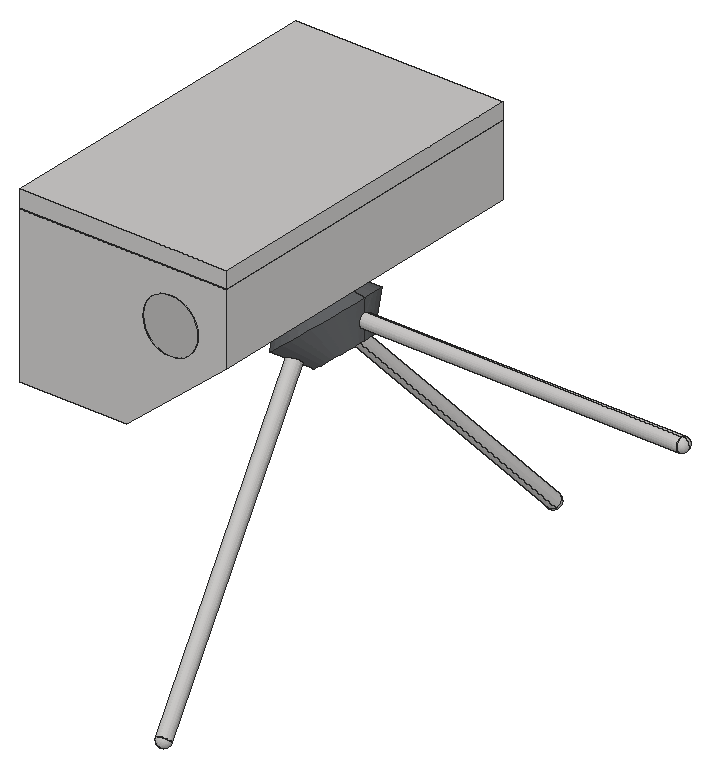
Revit family "CAME_Турникет_Трипод_STILE_400", category Специальное оборудование, Revit 2019
Family settings
  Размер круглого соединителя = Использовать диаметр
  Тип детали = Нормальный
  На основе рабочей плоскости = Нет
  Всегда вертикально = Да
  При загрузке вырезать с полостями = Нет
  Общий = Нет
  Точка расчета площади = Нет
Parameters
  Описание = "Турникет-трипод электромеханический. Корпус и преграды из нержавеющей стали AISI 304. Оснащен платой управления и светодиодными указателями прохода. Стандартные преграждающие планки с гидравлической доводкой и автоматической разблокировкой при отключении электроэнергии. Встроенный блок питания."
  Минимальная ширина проема = 790 mm  # constant formula
  Изготовитель = "CAME"  # constant formula
  Группа модели = "Турникеты"
  Высота установки [instance] = 1000 mm
  Watermark [instance] = "Модели защищены уникальным кодом"
  URL = "https://camerussia.com"
  CAME_Тип механизма турникета = "электромеханический"  # constant formula
  CAME_Напряжение электропитания двигателя (В) = 24 V  # constant formula
  CAME_Максимальное количество проходов в минуту = "46"  # constant formula
  CAME_Класс защиты (IP) = "54"  # constant formula
  CAME_Интенсивность использования (%) = "ИНТЕНСИВНОЕ"  # constant formula
  CAME_Диапазон рабочих температур (°C) = "-20 ÷ +68"  # constant formula
  BL_Разработано = "support@bimlib.pro"  # constant formula
  BL_Email = "cru.info@came.com"  # constant formula
  BL_BIM library = "https://bimlib.pro/manufacturer/came/cf0b6efe-31e5-4ffa-b7ea-1d6fa84041d4/?tab=products"
  ADSK_Размер_Ширина = 770 mm  # constant formula
  ADSK_Размер_Глубина = 500 mm  # constant formula
  ADSK_Размер_Высота = 250 mm  # constant formula
  ADSK_Полная мощность = ADSK_Номинальная мощность / ADSK_Коэффициент мощности  # 62.5 VA
  ADSK_Обозначение = "ТУ 26.30.50-001-89603926-2021"  # constant formula
  ADSK_Номинальная мощность = 60 W  # constant formula
  ADSK_Напряжение = 230 V  # constant formula
  ADSK_Наименование краткое = "Турникет-трипод STILE 400"  # constant formula
  ADSK_Наименование = "Турникет-трипод электромеханический STILE 400"  # constant formula
  ADSK_Масса_Текст = "22 кг"  # constant formula
  ADSK_Масса = 22  # constant formula
  ADSK_Марка = "АРТ:001PSMM400E-01"  # constant formula
  ADSK_Коэффициент мощности = 0.96
  ADSK_Количество фаз = 1  # constant formula
  ADSK_Количество = 1  # constant formula
  ADSK_Код изделия = "Код КСР 26.30.50.119.61.2.07.09"  # constant formula
  ADSK_Классификация нагрузок = Прочее
  ADSK_Завод-изготовитель = "CAME"  # constant formula
  ADSK_Единица измерения = "шт."  # constant formula
  ADSK_Группирование = "STILE"  # constant formula
  ADSK_Версия семейства = "1.0"  # constant formula
  ADSK_Версия Revit = "2019"  # constant formula
  ADSK_URL страницы изделия = "https://camerussia.com/product/001psmm400e-01/"
  ADSK_URL документации изделия = "https://camerussia.com/uploads/support/instructions/files/Инструкция%20STILE-TWISTER-SALOON.pdf"
Reference planes
  plane 1 "По центру (Вперед/Назад)": y = 0
  plane 2: z = 0
  plane 3 "По центру (Влево/Вправо)": x = 0
  plane 4: y = 250
  plane 5: y = -250
  plane 6: z = 1000
  plane 7: x = 770
  plane 8: z = 750
  plane 9: x = 300
  plane 10: x = 790
  plane 11: z = 975
  plane 12: x = 155
  plane 13: z = 875
Forms (mm)
  Extrusion 1, solid, material "CAME_Сталь_Нержавеющая_AISI 304", detail levels fine
    sketch origin (0, 0, 0) x (1, 0, 0) y (0, 0, 1)
      loop
        line (0, 750) -> (155, 750) -> (300, 871.669) -> (300, 975) -> (0, 975) -> (0, 750)
    from -250 to 250
  Extrusion 2, solid, material "CAME_Сталь_Нержавеющая_AISI 304", detail levels fine
    sketch origin (-126.098, -1524, 975) x (-1, 0, 0) y (0, -1, 0)
      loop
        line (-126.098, -1774) -> (-126.098, -1274) -> (-426.098, -1274) -> (-426.098, -1774) -> (-126.098, -1774)
    from 1 to 25
  Extrusion 3, solid, material "CAME_Стекло_Закаленное_Черное", detail levels fine
    sketch origin (866.16, -250, 1200) x (1, 0, 0) y (0, 0, 1)
      loop
        circle (-646.16, -300) r 40
    from 0 to 2
  Extrusion 4, solid, material "CAME_Стекло_Закаленное_Черное", detail levels fine
    sketch origin (-872.529, 250, 1200) x (-1, 0, 0) y (0, 0, 1)
      loop
        circle (-1092.529, -300) r 40
    from 0 to 2
  Extrusion 5, solid, material "CAME_Сталь_Нержавеющая_AISI 304", detail levels medium
    sketch origin (0, 0, 0) x (1, 0, 0) y (0, 0, 1)
      loop
        line (0, 750) -> (155, 750) -> (300, 871.669) -> (300, 1000) -> (0, 1000) -> (0, 750)
    from -250 to 250
Lines and regions (mm)
  model lines, style "CAME", detail levels coarse
    curve 1: line (0, 250, 875) -> (300, 250, 875)
    curve 2: line (0, -250, 875) -> (0, 250, 875)
    curve 3: line (300, -250, 875) -> (0, -250, 875)
    curve 4: line (300, 250, 875) -> (300, -250, 875)
    curve 5: line (300, 0, 875) -> (770, 0, 875)
    curve 6: line (300, 0, 875) -> (360.777, 344.683, 875)
    curve 7: line (300, 0, 875) -> (360.777, -344.683, 875)
Dimensions and locks
  equal spacing: plane 5, plane 1 "По центру (Вперед/Назад)", plane 4
  "ADSK_Размер_Глубина": plane 5 to plane 4
  "Высота установки": plane 6 to plane 2
  "ADSK_Размер_Высота": plane 6 to plane 8
  "ADSK_Размер_Ширина": plane 3 "По центру (Влево/Вправо)" to plane 7
  "Минимальная ширина проема": plane 3 "По центру (Влево/Вправо)" to plane 10
  locked: plane 3 "По центру (Влево/Вправо)" to plane 9 at 300
  locked: plane 6 to plane 11 at 25
  locked: plane 12 to plane 9 at 145
  locked: plane 6 to Extrusion 3 sketch curve at 100
  locked: plane 9 to Extrusion 3 sketch curve at 80
  equal spacing: plane 6, plane 13, plane 8
  locked: plane 8 to Extrusion 1 sketch curve (angle 40.00°)
  locked: curve 6 to plane 9 (angle 10.00°)
  locked: plane 9 to curve 7 (angle 10.00°)
  aligned and locked: level to plane 2
  aligned and locked: Extrusion 1 sketch curve to plane 3 "По центру (Влево/Вправо)"
  aligned and locked: plane 9 to Extrusion 1 sketch curve
  aligned and locked: Extrusion 1 sketch curve to plane 8
  aligned and locked: plane 12 to Extrusion 1 sketch curve
  aligned and locked: plane 11 to Extrusion 1 sketch curve
  aligned and locked: plane 4 to Extrusion 1
  aligned and locked: plane 5 to Extrusion 1
  aligned and locked: Extrusion 2 sketch curve to Extrusion 1  (x4)
  aligned and locked: plane 6 to Extrusion 2
  aligned and locked: Extrusion 4 sketch curve to Extrusion 3  (x2)
  aligned and locked: Extrusion 5 sketch curve to Extrusion 1  (x4)
  aligned and locked: Extrusion 5 sketch curve to Extrusion 2
  aligned and locked: plane 4 to Extrusion 5
  aligned and locked: plane 5 to Extrusion 5
  aligned and locked: nested 1 to plane 1 "По центру (Вперед/Назад)"
Automatic sketch dimensions
  plane 1 "По центру (Вперед/Назад)" to curve 5 = 0 mm
  curve 5 to plane 7 = 0 mm
  plane 1 "По центру (Вперед/Назад)" to curve 6 = 0 mm
  curve 6 to plane 9 = 0 mm
  curve 2 to plane 3 "По центру (Влево/Вправо)" = 0 mm
  curve 1 to plane 4 = 0 mm
  plane 5 to curve 4 = 0 mm
  plane 1 "По центру (Вперед/Назад)" to curve 7 = 0 mm
  radius of Extrusion 3 sketch curve = 40 mm
Nested families
  nested 1: "CAME_Трипод" at (235.013, 0, 817.139) x (0.766, 0, 0.6428) z (0.6428, 0, -0.766), type "CAME_Трипод"
Connectors
  electrical at (0, 0, 875), driven by "ADSK_Количество фаз", driven by "ADSK_Напряжение", driven by "ADSK_Полная мощность", driven by "ADSK_Коэффициент мощности"
    settings: on Extrusion 5, index 1, voltage 230 V, apparent load 0 VA, apparent load phase1 62.5 VA, apparent load phase2 0 VA, apparent load phase3 0 VA, power factor 0.96, load classification "Прочее", number of poles 1, system type 31, power factor state 1, is connector primary yes, connector utility no, sub classification motor no, connector description ""
Definition of nested family "CAME_Трипод"
  Parameters (values of type "CAME_Трипод")
    Default Elevation = 1219.2 mm
    Материал крепления = none
    ADSK_Материал = none
  Reference planes
    plane 1 "По центру (Вперед/Назад)": y = 0
    plane 2: z = 0
    plane 3 "По центру (Влево/Вправо)": x = 0
    plane 4: z = 35
    plane 5 "A": through (0, 0, 1200) normal (-0.866, -0.5, 0)
    plane 6 "B": through (0, 0, 1200) normal (0.866, -0.5, 0)
  Forms (mm)
    Revolve 1, solid, material <- "ADSK_Материал", detail levels medium+fine
      sketch origin (0, 0, 0) x (1, 0, 0) y (0, 0, 1)
        loop
          line (62.5, 0) -> (73.667, 13.309) -> (38.314, 55.441) -> (0, 55.441) -> (0, 0) -> (62.5, 0)
        axis (0, 0) -> (0, 55.441)
      angle from 0 to 360
    Revolve 2, solid, material <- "ADSK_Материал", detail levels medium+fine
      sketch origin (0, 0, 0) x (1, 0, 0) y (0, 0, 1)
        loop
          line (47.835, 28.597) -> (54.238, 20.965) -> (414.279, 323.075) -> (407.876, 330.707) -> (47.835, 28.597)
        axis (47.835, 28.597) -> (407.876, 330.707)
      angle from 0 to 360
    Revolve 3, solid, material <- "ADSK_Материал", detail levels medium+fine
      sketch origin (0, 0, 1200) x (0.5, -0.866025, 0) y (0, 0, 1)
        loop
          line (-47.84, -1171.428) -> (-407.21, -869.88) -> (-414.308, -876.978) -> (-54.267, -1179.088) -> (-47.84, -1171.428)
        axis (-47.84, -1171.428) -> (-407.88, -869.318)
      angle from 0 to 360
    Revolve 4, solid, material <- "ADSK_Материал", detail levels medium+fine
      sketch origin (0, 0, 1200) x (0.5, 0.866025, 0) y (0, 0, 1)
        loop
          line (-40.179, -1177.856) -> (-407.21, -869.88) -> (-414.308, -876.978) -> (-46.607, -1185.516) -> (-40.179, -1177.856)
        axis (-40.179, -1177.856) -> (-407.88, -869.318)
      angle from 0 to 360
    Revolve 5, solid, material <- "ADSK_Материал", detail levels fine
      sketch origin (-27.75, -48.064, 35) x (-0.383022, -0.663414, 0.642788) y (-0.321394, -0.55667, -0.766044)
        loop
          line (460, 0) -> (470, 0)
          arc (470, 0) -> (467.071, 7.071) -> (460, 10) r 10
          line (460, 10) -> (460, 0)
        axis (460, 0) -> (470, 0)
      angle from 0 to 360
    Revolve 6, solid, material <- "ADSK_Материал", detail levels fine
      sketch origin (55.466, 0, 35) x (0.766044, 0, 0.642788) y (-0.642788, 0, 0.766044)
        loop
          arc (460.038, -9.962) -> (467.082, -7.044) -> (470, 0) r 9.962
          line (470, 0) -> (460.038, 0) -> (460.038, -9.962)
        axis (460.038, 0) -> (470, 0)
      angle from 0 to 360
    Revolve 7, solid, material <- "ADSK_Материал", detail levels fine
      sketch origin (-27.75, 48.064, 35) x (-0.383022, 0.663414, 0.642788) y (-0.321394, 0.55667, -0.766044)
        loop
          line (460, 0) -> (470, 0)
          arc (470, 0) -> (467.071, 7.071) -> (460, 10) r 10
          line (460, 10) -> (460, 0)
        axis (460, 0) -> (470, 0)
      angle from 0 to 360
  Cuts and joins
    joined: Revolve 1, Revolve 2, Revolve 3, Revolve 4
  Lines and regions (mm)
    reference lines
      curve 1: line (38.314, 0, 55.441) -> (73.667, 0, 13.309)
      curve 2: line (55.466, 0, 35) -> (488.281, 0, 398.175)
      curve 3: circle (0, 0, 35) r 55.5 normal (0, 0, 1)
      curve 4: line (-27.75, 48.064, 35) -> (-152.232, 263.674, 243.906)
      curve 5: line (-27.75, -48.064, 35) -> (-219.261, -379.771, 356.394)
  Dimensions and locks
    locked: plane 4 to plane 2 at 35
    locked: plane 1 "По центру (Вперед/Назад)" to plane 5 "A" (angle 120.00°)
    locked: plane 6 "B" to plane 1 "По центру (Вперед/Назад)" (angle 120.00°)
    angle curve 4 to plane 4 = 40.00°
    aligned and locked: level to plane 2
    aligned and locked: plane 3 "По центру (Влево/Вправо)" to Revolve 1 sketch curve
    aligned and locked: Revolve 1 sketch curve to Revolve 1 sketch curve
    aligned and locked: Revolve 2 sketch curve to curve 2
    aligned and locked: Revolve 3 sketch curve to curve 4
    aligned and locked: Revolve 4 sketch curve to curve 5
    aligned and locked: Revolve 5 sketch curve to curve 5
    aligned and locked: cut or joined group of Revolve 1, Revolve 2, Revolve 3, Revolve 4 to Revolve 5 sketch curve
    aligned and locked: curve 5 to Revolve 5 sketch curve
    aligned and locked: Revolve 6 sketch curve to curve 2
    aligned and locked: Revolve 6 sketch curve to cut or joined group of Revolve 1, Revolve 2, Revolve 3, Revolve 4
    aligned and locked: curve 2 to Revolve 6 sketch curve
    aligned and locked: Revolve 7 sketch curve to curve 4
    aligned and locked: curve 4 to Revolve 7 sketch curve
    aligned and locked: cut or joined group of Revolve 1, Revolve 2, Revolve 3, Revolve 4 to Revolve 7 sketch curve
